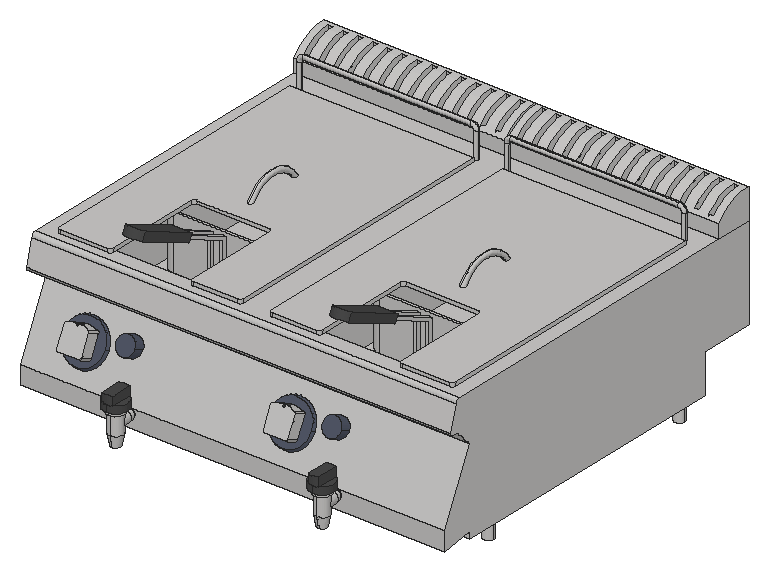
Revit family "QF_ZANUSSI_372067_Z7FRGH2B00", category Specialty Equipment, Revit 2018 (continued)
Automatic sketch dimensions
  plane 3 "LEFT" to Extrusion 31 sketch curve = 189.802 mm
  Extrusion 31 sketch curve to Extrusion 31 sketch curve = 9.296 mm
  Extrusion 31 sketch curve to Extrusion 31 sketch curve = 57.15 mm
  plane 1 "BACK" to Extrusion 32 sketch curve = 6.761 mm
  Extrusion 32 sketch curve to plane 7 "Center Y" = 182.405 mm
  Extrusion 32 sketch curve to Extrusion 32 sketch curve = 9.296 mm
  Extrusion 32 sketch curve to Extrusion 32 sketch curve = 57.15 mm
  plane 1 "BACK" to Extrusion 33 sketch curve = 6.761 mm
  Extrusion 33 sketch curve to plane 7 "Center Y" = 154.563 mm
  Extrusion 33 sketch curve to Extrusion 33 sketch curve = 9.296 mm
  Extrusion 33 sketch curve to Extrusion 33 sketch curve = 57.15 mm
  plane 1 "BACK" to Extrusion 34 sketch curve = 6.761 mm
  Extrusion 34 sketch curve to plane 7 "Center Y" = 126.721 mm
  Extrusion 34 sketch curve to Extrusion 34 sketch curve = 9.296 mm
  Extrusion 34 sketch curve to Extrusion 34 sketch curve = 57.15 mm
  plane 1 "BACK" to Extrusion 35 sketch curve = 6.761 mm
  Extrusion 35 sketch curve to plane 7 "Center Y" = 98.878 mm
  Extrusion 35 sketch curve to Extrusion 35 sketch curve = 9.296 mm
  Extrusion 35 sketch curve to Extrusion 35 sketch curve = 57.15 mm
  plane 1 "BACK" to Extrusion 36 sketch curve = 6.761 mm
  Extrusion 36 sketch curve to plane 7 "Center Y" = 71.036 mm
  Extrusion 36 sketch curve to Extrusion 36 sketch curve = 9.296 mm
  Extrusion 36 sketch curve to Extrusion 36 sketch curve = 57.15 mm
  plane 1 "BACK" to Extrusion 37 sketch curve = 6.761 mm
  Extrusion 37 sketch curve to plane 7 "Center Y" = 43.194 mm
  Extrusion 37 sketch curve to Extrusion 37 sketch curve = 9.296 mm
  Extrusion 37 sketch curve to Extrusion 37 sketch curve = 57.15 mm
  Extrusion 39 sketch curve to plane 1 "BACK" = 6.761 mm
  Extrusion 39 sketch curve to plane 7 "Center Y" = 15.351 mm
  Extrusion 39 sketch curve to Extrusion 39 sketch curve = 9.296 mm
  Extrusion 39 sketch curve to Extrusion 39 sketch curve = 57.15 mm
  Extrusion 46 sketch curve to plane 1 "BACK" = 6.761 mm
  Extrusion 46 sketch curve to plane 7 "Center Y" = 182.405 mm
  Extrusion 46 sketch curve to Extrusion 46 sketch curve = 9.296 mm
  Extrusion 46 sketch curve to Extrusion 46 sketch curve = 57.15 mm
  Extrusion 47 sketch curve to plane 1 "BACK" = 6.761 mm
  Extrusion 47 sketch curve to plane 7 "Center Y" = 154.563 mm
  Extrusion 47 sketch curve to Extrusion 47 sketch curve = 9.296 mm
  Extrusion 47 sketch curve to Extrusion 47 sketch curve = 57.15 mm
  Extrusion 48 sketch curve to plane 1 "BACK" = 6.761 mm
  Extrusion 48 sketch curve to plane 7 "Center Y" = 126.721 mm
  Extrusion 48 sketch curve to Extrusion 48 sketch curve = 9.296 mm
  Extrusion 48 sketch curve to Extrusion 48 sketch curve = 57.15 mm
  Extrusion 49 sketch curve to plane 1 "BACK" = 6.761 mm
  Extrusion 49 sketch curve to plane 7 "Center Y" = 98.878 mm
  Extrusion 49 sketch curve to Extrusion 49 sketch curve = 9.296 mm
  Extrusion 49 sketch curve to Extrusion 49 sketch curve = 57.15 mm
  Extrusion 50 sketch curve to plane 1 "BACK" = 6.761 mm
  Extrusion 50 sketch curve to plane 7 "Center Y" = 71.036 mm
  Extrusion 50 sketch curve to Extrusion 50 sketch curve = 9.296 mm
  Extrusion 50 sketch curve to Extrusion 50 sketch curve = 57.15 mm
  Extrusion 51 sketch curve to plane 1 "BACK" = 6.761 mm
  Extrusion 51 sketch curve to plane 7 "Center Y" = 43.194 mm
  Extrusion 51 sketch curve to Extrusion 51 sketch curve = 9.296 mm
  Extrusion 51 sketch curve to Extrusion 51 sketch curve = 57.15 mm
  plane 1 "BACK" to Extrusion 52 sketch curve = 0 mm
  plane 7 "Center Y" to Extrusion 52 sketch curve = 1.588 mm
  Extrusion 52 sketch curve to plane 7 "Center Y" = 1.587 mm
  Extrusion 52 sketch curve to Extrusion 52 sketch curve = 69.85 mm
  plane 3 "LEFT" to Blend 53 sketch curve = 100 mm  (x2)
  plane 3 "LEFT" to Extrusion 54 sketch curve = 77 mm
  Extrusion 54 sketch curve to Extrusion 54 sketch curve = 2.997 mm  (x3)
  Extrusion 54 sketch curve to Extrusion 54 sketch curve = 20.003 mm  (x2)
  Extrusion 54 sketch curve to Extrusion 54 sketch curve = 40.005 mm
  Extrusion 54 sketch curve to Extrusion 54 sketch curve = 5.399 mm
  Extrusion 54 sketch curve to Extrusion 54 sketch curve = 40.037 mm
  Extrusion 54 sketch curve to Extrusion 54 sketch curve = 0 mm  (x2)
  plane 3 "LEFT" to Extrusion 55 sketch curve = 82.5 mm
  Extrusion 55 sketch curve to Extrusion 55 sketch curve = 35 mm  (x2)
  Extrusion 56 sketch curve to plane 14 "panel" = 35 mm
  Extrusion 56 sketch curve to plane 5 "FRONT" = 9.329 mm
  Extrusion 56 sketch curve to Extrusion 56 sketch curve = 3 mm
  Extrusion 56 sketch curve to Extrusion 56 sketch curve = 0 mm
  Extrusion 56 sketch curve to Extrusion 56 sketch curve = 1 mm  (x2)
  Extrusion 56 sketch curve to Extrusion 56 sketch curve = 15 mm
  plane 3 "LEFT" to Extrusion 57 sketch curve = 184 mm
  plane 3 "LEFT" to Extrusion 58 sketch curve = 184 mm
  plane 7 "Center Y" to Blend 59 sketch curve = 88.938 mm  (x2)
  plane 7 "Center Y" to Extrusion 60 sketch curve = 65.938 mm
  Extrusion 60 sketch curve to Extrusion 60 sketch curve = 2.997 mm  (x3)
  Extrusion 60 sketch curve to Extrusion 60 sketch curve = 20.003 mm  (x2)
  Extrusion 60 sketch curve to Extrusion 60 sketch curve = 40.005 mm
  Extrusion 60 sketch curve to Extrusion 60 sketch curve = 5.399 mm
  Extrusion 60 sketch curve to Extrusion 60 sketch curve = 40.037 mm
  Extrusion 60 sketch curve to Extrusion 60 sketch curve = 0 mm  (x2)
  plane 7 "Center Y" to Extrusion 61 sketch curve = 71.438 mm
  Extrusion 61 sketch curve to Extrusion 61 sketch curve = 35 mm  (x2)
  Extrusion 62 sketch curve to plane 14 "panel" = 35 mm
  Extrusion 62 sketch curve to plane 5 "FRONT" = 9.329 mm
  Extrusion 62 sketch curve to Extrusion 62 sketch curve = 3 mm
  Extrusion 62 sketch curve to Extrusion 62 sketch curve = 0 mm
  Extrusion 62 sketch curve to Extrusion 62 sketch curve = 1 mm  (x2)
  Extrusion 62 sketch curve to Extrusion 62 sketch curve = 15 mm
  plane 7 "Center Y" to Extrusion 63 sketch curve = 172.938 mm
  plane 7 "Center Y" to Extrusion 64 sketch curve = 172.938 mm
  Extrusion 2 sketch curve to plane 10 "TOP A" = 0 mm
  Extrusion 2 sketch curve to plane 1 "BACK" = 0 mm
  Extrusion 2 sketch curve to plane 6 "TOP" = 0 mm
  plane 1 "BACK" to Extrusion 2 sketch curve = 1.769 mm
  plane 10 "TOP A" to Extrusion 2 sketch curve = 25.4 mm
  plane 1 "BACK" to Extrusion 2 sketch curve = 69.85 mm
  plane 12 to Extrusion 3 sketch curve = 0.124 mm  (x2)
  Extrusion 3 sketch curve to plane 4 "RIGHT" = 33.338 mm
  plane 7 "Center Y" to Extrusion 3 sketch curve = 26.988 mm
  Extrusion 3 sketch curve to plane 7 "Center Y" = 26.988 mm
  plane 3 "LEFT" to Extrusion 3 sketch curve = 33.338 mm
  plane 11 to Extrusion 3 sketch curve = 53.101 mm
  plane 11 to Extrusion 3 sketch curve = 53.254 mm
  plane 11 to Extrusion 5 sketch curve = 0 mm  (x2)
  plane 12 to Extrusion 5 sketch curve = 0 mm  (x2)
  plane 3 "LEFT" to Extrusion 5 sketch curve = 11.112 mm  (x2)
  Extrusion 5 sketch curve to plane 4 "RIGHT" = 11.113 mm  (x2)
  Revolve 6 sketch curve to plane 9 "BASE" = 8.123 mm
  plane 5 "FRONT" to Revolve 6 sketch curve = 32.926 mm
  Revolve 6 sketch curve to Revolve 6 sketch curve = 9.009 mm
  plane 5 "FRONT" to Revolve 6 sketch curve = 20.301 mm
  Revolve 6 sketch curve to Revolve 6 sketch curve = 3.277 mm
  Revolve 6 sketch curve to Revolve 6 sketch curve = 6.35 mm
  plane 9 "BASE" to Revolve 6 sketch curve = 12.388 mm
  Revolve 6 sketch curve to Revolve 6 sketch curve = 36.341 mm
  Revolve 6 sketch curve to Revolve 6 sketch curve = 7.879 mm
  Revolve 6 sketch curve to Revolve 6 sketch curve = 12.7 mm  (x2)
  Revolve 6 sketch curve to Revolve 6 sketch curve = 0 mm
  Revolve 6 sketch curve to Revolve 6 sketch curve = 15.064 mm
  plane 5 "FRONT" to Revolve 7 sketch curve = 34.322 mm
  plane 5 "FRONT" to Revolve 7 sketch curve = 12.357 mm
  plane 5 "FRONT" to Revolve 7 sketch curve = 3.364 mm
  Revolve 7 sketch curve to plane 5 "FRONT" = 16.478 mm
  plane 9 "BASE" to Revolve 7 sketch curve = 19.447 mm
  Revolve 7 sketch curve to Revolve 7 sketch curve = 1.702 mm
  Revolve 7 sketch curve to Revolve 7 sketch curve = 2.047 mm
  Revolve 7 sketch curve to Revolve 7 sketch curve = 12.303 mm
  Revolve 7 sketch curve to Revolve 7 sketch curve = 0 mm  (x2)
  Revolve 7 sketch curve to Revolve 7 sketch curve = 9.137 mm
  Revolve 8 sketch curve to plane 9 "BASE" = 8.123 mm
  plane 5 "FRONT" to Revolve 8 sketch curve = 32.926 mm
  Revolve 8 sketch curve to Revolve 8 sketch curve = 9.009 mm
  plane 5 "FRONT" to Revolve 8 sketch curve = 20.301 mm
  Revolve 8 sketch curve to Revolve 8 sketch curve = 3.277 mm
  Revolve 8 sketch curve to Revolve 8 sketch curve = 6.35 mm
  plane 9 "BASE" to Revolve 8 sketch curve = 12.388 mm
  Revolve 8 sketch curve to Revolve 8 sketch curve = 36.341 mm
  Revolve 8 sketch curve to Revolve 8 sketch curve = 7.879 mm
  Revolve 8 sketch curve to Revolve 8 sketch curve = 12.7 mm  (x2)
  Revolve 8 sketch curve to Revolve 8 sketch curve = 0 mm
  Revolve 8 sketch curve to Revolve 8 sketch curve = 15.064 mm
  plane 5 "FRONT" to Revolve 9 sketch curve = 34.322 mm
  plane 5 "FRONT" to Revolve 9 sketch curve = 12.357 mm
  plane 5 "FRONT" to Revolve 9 sketch curve = 3.364 mm
  Revolve 9 sketch curve to plane 5 "FRONT" = 16.478 mm
  plane 9 "BASE" to Revolve 9 sketch curve = 19.447 mm
  Revolve 9 sketch curve to Revolve 9 sketch curve = 1.702 mm
  Revolve 9 sketch curve to Revolve 9 sketch curve = 2.047 mm
  Revolve 9 sketch curve to Revolve 9 sketch curve = 12.303 mm
  Revolve 9 sketch curve to Revolve 9 sketch curve = 0 mm  (x2)
  Revolve 9 sketch curve to Revolve 9 sketch curve = 9.137 mm
  Extrusion 10 sketch curve to Extrusion 10 sketch curve = 0 mm  (x5)
  Extrusion 10 sketch curve to Extrusion 10 sketch curve = 20.063 mm  (x2)
  Revolve 6 to Extrusion 10 sketch curve = 9.626 mm
  Extrusion 10 sketch curve to Revolve 6 = 9.626 mm
  Extrusion 10 sketch curve to Extrusion 10 sketch curve = 369.686 mm
  Extrusion 10 sketch curve to Extrusion 10 sketch curve = 9.626 mm
  plane 9 "BASE" to Extrusion 11 sketch curve = 33.906 mm
  plane 5 "FRONT" to Extrusion 12 sketch curve = 0 mm  (x2)
  plane 1 "BACK" to Extrusion 12 sketch curve = 0 mm
  Extrusion 12 sketch curve to plane 3 "LEFT" = 0 mm
  Extrusion 12 sketch curve to plane 4 "RIGHT" = 0 mm
  Extrusion 12 sketch curve to plane 3 "LEFT" = 150.019 mm
  plane 4 "RIGHT" to Extrusion 12 sketch curve = 150.019 mm
  Extrusion 12 sketch curve to plane 1 "BACK" = 150.019 mm
  Extrusion 13 sketch curve to plane 4 "RIGHT" = 26.988 mm
  Extrusion 13 sketch curve to Extrusion 13 sketch curve = 6.35 mm  (x8)
  Extrusion 13 sketch curve to Extrusion 13 sketch curve = 88.9 mm
  Extrusion 13 sketch curve to plane 4 "RIGHT" = 128.588 mm
  plane 7 "Center Y" to Extrusion 13 sketch curve = 128.587 mm
  plane 11 to Extrusion 13 sketch curve = 57.877 mm  (x4)
  plane 7 "Center Y" to Extrusion 13 sketch curve = 122.238 mm
  plane 7 "Center Y" to Extrusion 13 sketch curve = 33.338 mm
  Extrusion 13 sketch curve to plane 7 "Center Y" = 26.988 mm
  Extrusion 13 sketch curve to Extrusion 13 sketch curve = 82.55 mm
  plane 3 "LEFT" to Extrusion 13 sketch curve = 134.938 mm
  plane 3 "LEFT" to Extrusion 13 sketch curve = 128.588 mm
  plane 3 "LEFT" to Extrusion 13 sketch curve = 33.338 mm
  plane 3 "LEFT" to Extrusion 13 sketch curve = 26.988 mm
  Extrusion 13 sketch curve to plane 8 "Center X" = 116.012 mm  (x2)
  Extrusion 13 sketch curve to plane 12 = 34.801 mm  (x2)
  Sweep 14 sketch curve to plane 10 "TOP A" = 0 mm  (x2)
  Sweep 14 sketch curve to plane 6 "TOP" = 9.525 mm  (x2)
  plane 3 "LEFT" to Sweep 14 sketch curve = 39.688 mm
  Sweep 14 sketch curve to Sweep 14 sketch curve = 6.35 mm
  Sweep 14 sketch curve to plane 7 "Center Y" = 37.331 mm
  Sweep 14 sketch curve to profile plane = 2.09 mm
  profile plane to Sweep 14 sketch curve = 140.754 mm
  Extrusion 21 sketch curve to Extrusion 21 sketch curve = 0 mm  (x16)
  Extrusion 21 sketch curve to plane 4 "RIGHT" = 91.225 mm
  Extrusion 21 sketch curve to Extrusion 21 sketch curve = 3.175 mm  (x2)
  Extrusion 21 sketch curve to Extrusion 21 sketch curve = 22.225 mm  (x6)
  plane 7 "Center Y" to Extrusion 21 sketch curve = 105.625 mm  (x2)
  Extrusion 21 sketch curve to plane 7 "Center Y" = 80.225 mm
  plane 3 "LEFT" to Extrusion 21 sketch curve = 116.625 mm  (x2)
  plane 12 to Extrusion 21 sketch curve = 41.498 mm  (x2)
  Extrusion 21 sketch curve to plane 8 "Center X" = 116.11 mm  (x2)
  Sweep 24 sketch curve to plane 10 "TOP A" = 0 mm  (x2)
  Sweep 24 sketch curve to plane 6 "TOP" = 9.525 mm  (x2)
  Sweep 24 sketch curve to plane 4 "RIGHT" = 39.688 mm
  Sweep 24 sketch curve to Sweep 24 sketch curve = 6.35 mm
  plane 7 "Center Y" to Sweep 24 sketch curve = 37.331 mm
  profile plane to Sweep 24 sketch curve = 2.09 mm
  profile plane to Sweep 24 sketch curve = 140.754 mm
  Extrusion 38 sketch curve to plane 1 "BACK" = 6.761 mm
  plane 4 "RIGHT" to Extrusion 38 sketch curve = 22.749 mm
  Extrusion 38 sketch curve to Extrusion 38 sketch curve = 9.296 mm
  Extrusion 38 sketch curve to Extrusion 38 sketch curve = 57.15 mm
  Extrusion 40 sketch curve to plane 1 "BACK" = 6.761 mm
  plane 4 "RIGHT" to Extrusion 40 sketch curve = 50.591 mm
  Extrusion 40 sketch curve to Extrusion 40 sketch curve = 9.296 mm
  Extrusion 40 sketch curve to Extrusion 40 sketch curve = 57.15 mm
  Extrusion 41 sketch curve to plane 1 "BACK" = 6.761 mm
  plane 4 "RIGHT" to Extrusion 41 sketch curve = 78.433 mm
  Extrusion 41 sketch curve to Extrusion 41 sketch curve = 9.296 mm
  Extrusion 41 sketch curve to Extrusion 41 sketch curve = 57.15 mm
  Extrusion 42 sketch curve to plane 1 "BACK" = 6.761 mm
  plane 4 "RIGHT" to Extrusion 42 sketch curve = 106.275 mm
  Extrusion 42 sketch curve to Extrusion 42 sketch curve = 9.296 mm
  Extrusion 42 sketch curve to Extrusion 42 sketch curve = 57.15 mm
  Extrusion 43 sketch curve to plane 1 "BACK" = 6.761 mm
  plane 4 "RIGHT" to Extrusion 43 sketch curve = 134.118 mm
  Extrusion 43 sketch curve to Extrusion 43 sketch curve = 9.296 mm
  Extrusion 43 sketch curve to Extrusion 43 sketch curve = 57.15 mm
  Extrusion 44 sketch curve to plane 1 "BACK" = 6.761 mm
  plane 4 "RIGHT" to Extrusion 44 sketch curve = 161.96 mm
  Extrusion 44 sketch curve to Extrusion 44 sketch curve = 9.296 mm
  Extrusion 44 sketch curve to Extrusion 44 sketch curve = 57.15 mm
  Extrusion 45 sketch curve to plane 1 "BACK" = 6.761 mm
  plane 4 "RIGHT" to Extrusion 45 sketch curve = 189.802 mm
  Extrusion 45 sketch curve to Extrusion 45 sketch curve = 9.296 mm
  Extrusion 45 sketch curve to Extrusion 45 sketch curve = 57.15 mm
  curve 240 to plane 3 "LEFT" = 0 mm
  curve 205 to plane 3 "LEFT" = 0 mm
  plane 5 "FRONT" to curve 240 = 0 mm
  plane 5 "FRONT" to curve 238 = 0 mm
  plane 5 "FRONT" to curve 239 = 0 mm
  curve 247 to plane 4 "RIGHT" = 0 mm
  curve 239 to plane 4 "RIGHT" = 0 mm
  plane 5 "FRONT" to curve 206 = 9.347 mm
  plane 3 "LEFT" to curve 206 = 77 mm
  curve 206 to curve 207 = 0.809 mm
  curve 210 to curve 210 = 1.583 mm
  curve 207 to curve 208 = 1.846 mm
  curve 207 to curve 221 = 2.189 mm
  curve 206 to curve 209 = 11.892 mm
  curve 213 to plane 5 "FRONT" = 9.329 mm
  curve 210 to curve 213 = 20.417 mm
  curve 221 to curve 211 = 19.134 mm
  curve 211 to curve 220 = 1.738 mm
  curve 212 to curve 214 = 2 mm
  curve 209 to curve 218 = 22.215 mm
  curve 213 to curve 221 = 19.003 mm
  curve 217 to curve 217 = 0.343 mm
  curve 217 to curve 219 = 1.071 mm
  curve 217 to curve 216 = 2.189 mm
  curve 216 to curve 215 = 0.809 mm
  plane 5 "FRONT" to curve 231 = 9.347 mm
  plane 7 "Center Y" to curve 231 = 65.937 mm
  curve 232 to curve 232 = 0.809 mm
  curve 235 to curve 235 = 1.583 mm
  curve 232 to curve 233 = 1.846 mm
  curve 232 to curve 237 = 2.189 mm
  curve 231 to curve 234 = 11.892 mm
  curve 229 to plane 5 "FRONT" = 9.329 mm
  curve 235 to curve 229 = 20.417 mm
  plane 7 "Center Y" to curve 236 = 88.069 mm
  curve 236 to curve 227 = 1.738 mm
  curve 229 to curve 229 = 2 mm
  curve 234 to curve 225 = 22.215 mm
  curve 228 to curve 237 = 19.003 mm
  curve 224 to curve 224 = 0.343 mm
  curve 224 to curve 226 = 1.071 mm
  curve 224 to curve 223 = 2.189 mm
  curve 223 to curve 222 = 0.809 mm
  plane 5 "FRONT" to curve 216 = 9.347 mm
  curve 237 to curve 232 = 1.333 mm
  curve 221 to curve 216 = 1.333 mm
  curve 211 to curve 221 = 86.839 mm
  curve 236 to curve 237 = 86.839 mm
  curve 211 to curve 220 = 0 mm
  curve 236 to curve 227 = 0 mm
  curve 224 to curve 222 = 1.333 mm
  curve 223 to curve 224 = 2.779 mm
  curve 216 to curve 217 = 2.779 mm
  curve 232 to curve 233 = 2.779 mm
  curve 207 to curve 208 = 2.779 mm
  curve 226 to plane 5 "FRONT" = 7.894 mm
  curve 210 to plane 5 "FRONT" = 7.894 mm
  curve 219 to plane 5 "FRONT" = 7.894 mm
  curve 235 to plane 5 "FRONT" = 7.894 mm
  curve 213 to curve 218 = 41.91 mm
  curve 209 to curve 218 = 0 mm
  curve 229 to curve 234 = 41.91 mm
  curve 234 to curve 225 = 0 mm
  plane 3 "LEFT" to curve 177 = 13.453 mm
  curve 177 to curve 177 = 9.296 mm
  curve 177 to curve 179 = 18.547 mm
  curve 179 to curve 179 = 9.296 mm
  curve 209 to curve 206 = 9.809 mm
  curve 179 to curve 180 = 18.547 mm
  curve 211 to curve 210 = 0.284 mm
  curve 180 to curve 180 = 9.296 mm
  curve 180 to curve 181 = 18.547 mm
  curve 181 to curve 181 = 9.296 mm
  curve 219 to curve 220 = 0.284 mm
  curve 181 to curve 182 = 18.547 mm
  curve 215 to curve 218 = 9.809 mm
  curve 182 to curve 182 = 9.296 mm
  curve 182 to curve 183 = 18.547 mm
  curve 183 to curve 183 = 9.296 mm
  curve 183 to curve 184 = 18.547 mm
  curve 205 to plane 5 "FRONT" = 15 mm
  curve 218 to curve 205 = 54.049 mm
  curve 184 to curve 184 = 9.296 mm
  curve 205 to curve 238 = 12.881 mm
  curve 184 to curve 185 = 18.547 mm
  curve 185 to curve 185 = 9.296 mm
  curve 238 to curve 246 = 24.354 mm
  curve 185 to curve 186 = 18.547 mm
  curve 186 to curve 186 = 9.296 mm
  curve 186 to curve 187 = 18.547 mm
  curve 187 to curve 187 = 9.296 mm
  curve 187 to curve 188 = 18.547 mm
  curve 188 to curve 188 = 9.296 mm
  curve 188 to curve 189 = 18.547 mm
  curve 189 to curve 189 = 9.296 mm
  curve 189 to curve 190 = 18.547 mm
  curve 190 to curve 190 = 9.296 mm
  curve 190 to curve 178 = 18.547 mm
  curve 178 to curve 178 = 9.296 mm
  plane 7 "Center Y" to curve 192 = 15.401 mm
  curve 192 to curve 192 = 9.296 mm
  curve 192 to curve 204 = 18.547 mm
  curve 204 to curve 204 = 9.296 mm
  curve 234 to curve 231 = 9.809 mm
  curve 236 to curve 235 = 0.284 mm
  curve 204 to curve 203 = 18.547 mm
  curve 203 to curve 203 = 9.296 mm
  curve 203 to curve 202 = 18.547 mm
  curve 202 to curve 202 = 9.296 mm
  curve 226 to curve 226 = 0.284 mm
  curve 222 to curve 225 = 9.809 mm
  curve 202 to curve 201 = 18.547 mm
  curve 201 to curve 201 = 9.296 mm
  curve 201 to curve 200 = 18.547 mm
  curve 200 to curve 200 = 9.296 mm
  curve 246 to plane 5 "FRONT" = 15 mm
  curve 225 to curve 246 = 54.11 mm
  curve 200 to curve 199 = 18.547 mm
  curve 199 to curve 199 = 9.296 mm
  curve 199 to curve 198 = 18.547 mm
  curve 247 to plane 5 "FRONT" = 15 mm
  curve 246 to curve 247 = 37.235 mm
  curve 198 to curve 198 = 9.296 mm
  curve 198 to curve 197 = 18.547 mm
  curve 197 to curve 197 = 9.296 mm
  curve 197 to curve 196 = 18.547 mm
  curve 196 to curve 196 = 9.296 mm
  curve 196 to curve 195 = 18.547 mm
  curve 195 to curve 195 = 9.296 mm
  curve 195 to curve 194 = 18.547 mm
  curve 194 to curve 194 = 9.296 mm
  curve 194 to curve 193 = 18.547 mm
  curve 193 to curve 193 = 9.296 mm
  curve 193 to curve 191 = 18.547 mm
  curve 191 to curve 191 = 9.296 mm
  curve 235 to curve 235 = 0.567 mm
  curve 210 to curve 210 = 0.567 mm
  curve 219 to curve 219 = 0.567 mm
  curve 226 to curve 226 = 0.567 mm
  plane 1 "BACK" to curve 203 = 63.911 mm
  curve 203 to curve 202 = 0 mm
  curve 202 to curve 201 = 0 mm
  curve 201 to curve 200 = 0 mm
  curve 200 to curve 199 = 0 mm
  curve 199 to curve 198 = 0 mm
  curve 204 to curve 203 = 0 mm
  curve 198 to curve 197 = 0 mm
  curve 197 to curve 196 = 0 mm
  curve 196 to curve 195 = 0 mm
  curve 195 to curve 194 = 0 mm
  curve 194 to curve 193 = 0 mm
  curve 192 to curve 204 = 0 mm
  curve 193 to curve 191 = 0 mm
  curve 190 to curve 192 = 0 mm
  curve 189 to curve 190 = 0 mm
  curve 188 to curve 189 = 0 mm
  curve 187 to curve 188 = 0 mm
  curve 186 to curve 187 = 0 mm
  curve 185 to curve 186 = 0 mm
  curve 184 to curve 185 = 0 mm
  curve 183 to curve 184 = 0 mm
  curve 182 to curve 183 = 0 mm
  curve 181 to curve 182 = 0 mm
  curve 180 to curve 181 = 0 mm
  curve 179 to curve 180 = 0 mm
  curve 190 to curve 178 = 0 mm
  curve 177 to curve 179 = 0 mm
  plane 1 "BACK" to curve 6 = 0 mm
  curve 250 to plane 4 "RIGHT" = 0 mm
  plane 5 "FRONT" to curve 92 = 0 mm
  plane 5 "FRONT" to curve 244 = 0 mm
  plane 5 "FRONT" to curve 243 = 0 mm
  plane 5 "FRONT" to curve 86 = 0 mm
  curve 4 to plane 3 "LEFT" = 0 mm
  plane 5 "FRONT" to curve 5 = 0 mm
  plane 4 "RIGHT" to curve 3 = 150.019 mm
  curve 133 to plane 4 "RIGHT" = 13.453 mm
  curve 133 to curve 134 = 9.296 mm
  curve 42 to plane 4 "RIGHT" = 26.988 mm
  curve 42 to curve 43 = 6.35 mm
  curve 42 to curve 77 = 10.61 mm
  plane 1 "BACK" to curve 139 = 6.761 mm
  curve 132 to curve 139 = 18.547 mm
  curve 139 to curve 138 = 9.296 mm
  plane 1 "BACK" to curve 142 = 6.761 mm
  curve 138 to curve 142 = 18.547 mm
  curve 142 to curve 141 = 9.296 mm
  plane 1 "BACK" to curve 146 = 6.761 mm
  curve 141 to curve 146 = 18.547 mm
  curve 145 to curve 146 = 9.296 mm
  curve 43 to curve 45 = 88.9 mm
  plane 1 "BACK" to curve 149 = 6.761 mm
  curve 144 to curve 149 = 18.547 mm
  curve 46 to plane 4 "RIGHT" = 128.588 mm
  curve 148 to curve 149 = 9.296 mm
  curve 46 to curve 47 = 6.35 mm
  plane 1 "BACK" to curve 152 = 6.761 mm
  curve 147 to curve 152 = 18.547 mm
  curve 151 to curve 150 = 9.296 mm
  plane 1 "BACK" to curve 154 = 6.761 mm
  curve 150 to curve 154 = 18.547 mm
  curve 58 to plane 11 = 5.711 mm
  curve 46 to curve 58 = 58.32 mm
  curve 154 to curve 153 = 9.296 mm
  plane 8 "Center X" to curve 67 = 38.031 mm
  curve 47 to curve 67 = 60.633 mm
  curve 67 to curve 70 = 4.449 mm
  plane 1 "BACK" to curve 158 = 6.761 mm
  curve 153 to curve 158 = 18.547 mm
  curve 157 to curve 156 = 9.296 mm
  curve 56 to plane 5 "FRONT" = 8.614 mm
  curve 87 to curve 56 = 17.768 mm
  plane 1 "BACK" to curve 160 = 6.761 mm
  curve 156 to curve 160 = 18.547 mm
  curve 160 to curve 159 = 9.296 mm
  plane 1 "BACK" to curve 164 = 6.761 mm
  curve 159 to curve 164 = 18.547 mm
  curve 69 to curve 49 = 66.994 mm
  curve 163 to curve 162 = 9.296 mm
  curve 61 to curve 61 = 53.67 mm
  curve 51 to curve 52 = 6.35 mm
  plane 1 "BACK" to curve 166 = 6.761 mm
  curve 162 to curve 166 = 18.547 mm
  curve 166 to curve 165 = 9.296 mm
  plane 1 "BACK" to curve 169 = 6.761 mm
  curve 165 to curve 169 = 18.547 mm
  curve 169 to curve 168 = 9.296 mm
  plane 1 "BACK" to curve 172 = 6.761 mm
  curve 168 to curve 172 = 18.547 mm
  curve 172 to curve 173 = 9.296 mm
  plane 7 "Center Y" to curve 52 = 33.338 mm
  plane 7 "Center Y" to curve 77 = 28.891 mm
  curve 78 to curve 54 = 1.903 mm
  plane 1 "BACK" to curve 136 = 6.761 mm
  curve 171 to curve 136 = 18.547 mm
  curve 136 to curve 135 = 9.296 mm
  plane 7 "Center Y" to curve 174 = 1.587 mm
  curve 175 to plane 7 "Center Y" = 1.588 mm
  plane 1 "BACK" to curve 95 = 6.761 mm
  curve 175 to curve 95 = 13.764 mm
  curve 93 to curve 94 = 9.296 mm
  curve 23 to plane 7 "Center Y" = 26.988 mm
  curve 22 to curve 73 = 1.903 mm
  curve 21 to curve 21 = 6.35 mm
  plane 1 "BACK" to curve 131 = 6.761 mm
  curve 94 to curve 131 = 18.547 mm
  curve 129 to curve 131 = 9.296 mm
  plane 1 "BACK" to curve 128 = 6.761 mm
  curve 130 to curve 128 = 18.547 mm
  curve 126 to curve 128 = 9.296 mm
  plane 1 "BACK" to curve 123 = 6.761 mm
  curve 127 to curve 123 = 18.547 mm
  curve 123 to curve 124 = 9.296 mm
  curve 21 to curve 20 = 82.55 mm
  curve 19 to curve 30 = 6.35 mm
  plane 1 "BACK" to curve 120 = 6.761 mm
  curve 124 to curve 120 = 18.547 mm
  curve 17 to curve 16 = 6.35 mm
  curve 120 to curve 121 = 9.296 mm
  plane 1 "BACK" to curve 119 = 6.761 mm
  curve 121 to curve 119 = 18.547 mm
  curve 117 to curve 118 = 9.296 mm
  curve 26 to plane 11 = 5.711 mm
  curve 18 to curve 26 = 53.67 mm
  plane 1 "BACK" to curve 114 = 6.761 mm
  curve 118 to curve 114 = 18.547 mm
  curve 114 to curve 115 = 9.296 mm
  curve 25 to curve 81 = 17.768 mm
  plane 8 "Center X" to curve 37 = 38.031 mm
  curve 17 to curve 37 = 66.994 mm
  curve 37 to curve 39 = 4.449 mm
  plane 1 "BACK" to curve 111 = 6.761 mm
  curve 115 to curve 111 = 18.547 mm
  curve 111 to curve 113 = 9.296 mm
  plane 1 "BACK" to curve 110 = 6.761 mm
  curve 112 to curve 110 = 18.547 mm
  curve 108 to curve 110 = 9.296 mm
  curve 36 to curve 15 = 60.633 mm
  plane 1 "BACK" to curve 105 = 6.761 mm
  curve 109 to curve 105 = 18.547 mm
  curve 15 to curve 14 = 6.35 mm
  curve 105 to curve 106 = 9.296 mm
  curve 13 to curve 13 = 6.35 mm
  plane 1 "BACK" to curve 104 = 6.761 mm
  curve 106 to curve 104 = 18.547 mm
  curve 102 to curve 104 = 9.296 mm
  plane 1 "BACK" to curve 99 = 6.761 mm
  curve 103 to curve 99 = 18.547 mm
  curve 99 to curve 100 = 9.296 mm
  plane 1 "BACK" to curve 98 = 6.761 mm
  curve 100 to curve 98 = 18.547 mm
  curve 96 to curve 97 = 9.296 mm
  plane 3 "LEFT" to curve 74 = 37.548 mm
  plane 3 "LEFT" to curve 11 = 33.338 mm
  curve 74 to curve 23 = 10.61 mm
  plane 1 "BACK" to curve 7 = 6.761 mm
  curve 97 to curve 7 = 18.547 mm
  curve 7 to curve 8 = 9.296 mm
  curve 2 to plane 3 "LEFT" = 150.019 mm
  curve 1 to plane 1 "BACK" = 150.019 mm
  plane 1 "BACK" to curve 134 = 6.761 mm
  curve 135 to curve 176 = 63.089 mm
  curve 24 to curve 174 = 0 mm
  curve 174 to curve 77 = 30.564 mm
  curve 24 to curve 76 = 30.564 mm
  curve 73 to curve 74 = 7.655 mm
  curve 77 to curve 79 = 7.655 mm
  curve 74 to curve 23 = 4.767 mm
  curve 78 to curve 55 = 4.767 mm
  curve 67 to plane 8 "Center X" = 63.432 mm
  curve 37 to plane 8 "Center X" = 63.432 mm
  curve 36 to curve 16 = 46.229 mm
  curve 69 to curve 48 = 46.229 mm
  plane 11 to curve 51 = 57.877 mm
  plane 11 to curve 60 = 57.877 mm
  plane 11 to curve 11 = 57.877 mm
  curve 54 to curve 22 = 0.05 mm
  curve 58 to plane 5 "FRONT" = 8.614 mm
  curve 25 to plane 5 "FRONT" = 8.564 mm
  curve 27 to plane 5 "FRONT" = 8.564 mm
  plane 5 "FRONT" to curve 87 = 32.926 mm
  plane 5 "FRONT" to curve 82 = 32.926 mm
  curve 59 to curve 66 = 3.442 mm
  curve 66 to curve 59 = 0 mm  (x2)
  curve 57 to curve 63 = 4.079 mm
  curve 58 to curve 92 = 8.46 mm
  curve 92 to curve 89 = 1.381 mm
  curve 63 to curve 62 = 5.857 mm
  curve 92 to curve 245 = 4.557 mm
  curve 59 to curve 242 = 3.425 mm
  curve 245 to curve 244 = 11.201 mm
  curve 65 to curve 56 = 9.936 mm
  curve 87 to curve 90 = 9.626 mm
  curve 244 to curve 91 = 6.363 mm
  curve 64 to curve 56 = 4.079 mm
  curve 66 to curve 242 = 2.808 mm
  curve 242 to curve 242 = 16.395 mm
  curve 242 to curve 244 = 44.717 mm
  curve 244 to curve 243 = 46 mm
  curve 17 to curve 33 = 51.399 mm
  curve 85 to curve 81 = 11.114 mm
  curve 85 to curve 84 = 1.488 mm
  curve 33 to curve 34 = 5.857 mm
  curve 85 to curve 243 = 6.157 mm
  curve 35 to curve 28 = 0 mm
  curve 28 to curve 241 = 3.475 mm
  curve 31 to curve 26 = 9.936 mm
  curve 82 to curve 83 = 9.626 mm
  curve 86 to curve 27 = 8.46 mm
  curve 32 to curve 26 = 4.079 mm
  curve 35 to curve 241 = 2.858 mm
  curve 241 to curve 28 = 0.584 mm
  curve 248 to curve 35 = 3.442 mm
  curve 28 to curve 241 = 15.811 mm
  curve 102 to curve 102 = 57.15 mm
  curve 103 to curve 102 = 0 mm
  curve 102 to curve 105 = 0 mm
  curve 100 to curve 103 = 0 mm
  curve 100 to curve 99 = 0 mm
  curve 106 to curve 105 = 0 mm
  curve 172 to curve 77 = 36.504 mm
  curve 105 to curve 108 = 0 mm
  curve 109 to curve 108 = 0 mm
  curve 108 to curve 111 = 0 mm
  curve 97 to curve 100 = 0 mm
  curve 171 to curve 172 = 0 mm
  curve 112 to curve 111 = 0 mm
  curve 111 to curve 114 = 0 mm
  curve 115 to curve 114 = 0 mm
  curve 114 to curve 117 = 0 mm
  curve 97 to curve 96 = 0 mm
  curve 117 to curve 120 = 0 mm
  curve 121 to curve 120 = 0 mm
  curve 120 to curve 123 = 0 mm
  curve 124 to curve 123 = 0 mm
  curve 94 to curve 24 = 5.939 mm
  curve 94 to curve 93 = 0 mm
  curve 123 to curve 126 = 0 mm
  curve 154 to curve 154 = 57.15 mm
  curve 127 to curve 126 = 0 mm
  curve 129 to curve 94 = 0 mm
  curve 130 to curve 129 = 0 mm
  curve 172 to curve 169 = 0 mm
  curve 168 to curve 169 = 0 mm
  curve 132 to curve 176 = 5.939 mm
  curve 132 to curve 133 = 0 mm
  curve 135 to curve 174 = 5.939 mm
  curve 156 to curve 154 = 0 mm
  curve 156 to curve 157 = 0 mm
  curve 135 to curve 136 = 0 mm
  curve 138 to curve 132 = 0 mm
  curve 138 to curve 139 = 0 mm
  curve 141 to curve 138 = 0 mm
  curve 159 to curve 156 = 0 mm
  curve 159 to curve 160 = 0 mm
  curve 141 to curve 142 = 0 mm
  curve 144 to curve 141 = 0 mm
  curve 144 to curve 145 = 0 mm
  curve 147 to curve 144 = 0 mm
  curve 153 to curve 154 = 0 mm
  curve 162 to curve 159 = 0 mm
  curve 162 to curve 163 = 0 mm
  curve 147 to curve 148 = 0 mm
  curve 154 to curve 150 = 0 mm
  curve 150 to curve 151 = 0 mm
  curve 8 to curve 24 = 5.939 mm
  curve 169 to curve 165 = 0 mm
  curve 165 to curve 166 = 0 mm
  curve 8 to curve 7 = 0 mm
  curve 118 to curve 117 = 0 mm
  curve 14 to curve 40 = 22.324 mm
  curve 49 to curve 71 = 22.324 mm
  curve 49 to curve 64 = 25.499 mm
  curve 15 to curve 31 = 25.499 mm
  curve 248 to curve 28 = 19.604 mm
  curve 249 to curve 28 = 19.604 mm
  curve 250 to curve 66 = 2.117 mm
  curve 248 to curve 35 = 2.167 mm
  curve 66 to curve 59 = 6.713 mm
  curve 35 to curve 28 = 6.713 mm  (x2)
  curve 28 to curve 241 = 0.983 mm
  curve 242 to curve 56 = 9.691 mm
  curve 59 to curve 66 = 4.011 mm
  curve 242 to plane 5 "FRONT" = 15 mm
  curve 241 to plane 5 "FRONT" = 15 mm
  plane 5 "FRONT" to curve 1 = 1.377 mm
  plane 5 "FRONT" to curve 3 = 1.377 mm
  plane 5 "FRONT" to curve 88 = 10.673 mm
  plane 5 "FRONT" to curve 82 = 10.673 mm
  plane 11 to Extrusion 1 sketch curve = 117.116 mm
  plane 11 to Extrusion 1 sketch curve = 101.999 mm
  Extrusion 1 sketch curve to Extrusion 1 sketch curve = 2.884 mm
  Extrusion 1 sketch curve to plane 13 = 98.787 mm
  Extrusion 1 sketch curve to Extrusion 1 sketch curve = 13.051 mm
  Extrusion 1 sketch curve to Extrusion 1 sketch curve = 10.198 mm
  Extrusion 1 sketch curve to plane 13 = 91.312 mm
  Extrusion 1 sketch curve to Extrusion 1 sketch curve = 56.355 mm
  Extrusion 1 sketch curve to Extrusion 1 sketch curve = 0.445 mm
  Extrusion 1 sketch curve to Extrusion 1 sketch curve = 3.2 mm
  Extrusion 1 sketch curve to plane 10 "TOP A" = 88.636 mm
  Extrusion 1 sketch curve to Extrusion 1 sketch curve = 31.82 mm
  plane 1 "BACK" to Extrusion 1 sketch curve = 103 mm
  Extrusion 1 sketch curve to plane 1 "BACK" = 0 mm
  Extrusion 1 sketch curve to plane 10 "TOP A" = 176 mm
  plane 9 "BASE" to Extrusion 1 sketch curve = 40.508 mm
  Extrusion 1 sketch curve to Extrusion 1 sketch curve = 27.08 mm
  Extrusion 1 sketch curve to Extrusion 1 sketch curve = 35 mm
  Extrusion 1 sketch curve to Extrusion 1 sketch curve = 74 mm
  Extrusion 1 sketch curve to plane 10 "TOP A" = 56.816 mm
  Extrusion 1 sketch curve to Extrusion 1 sketch curve = 3 mm
  radius of Sweep 18 sketch curve = 4.353 mm
  radius of Sweep 19 sketch curve = 4.353 mm
  radius of Blend 53 sketch curve = 42.5 mm
  radius of Blend 53 sketch curve = 40.5 mm
  radius of Split face 1 sketch curve = 1.5 mm
  radius of Split face 2 sketch curve = 1.5 mm
  radius of Split face 3 sketch curve = 1.5 mm
  radius of Split face 4 sketch curve = 1.5 mm
  radius of Split face 5 sketch curve = 1.5 mm
  radius of Split face 6 sketch curve = 1.5 mm
  radius of Split face 7 sketch curve = 1.5 mm
  radius of Split face 8 sketch curve = 2.5 mm
  radius of Split face 9 sketch curve = 2.031 mm
  radius of Split face 10 sketch curve = 1.5 mm
  radius of Split face 11 sketch curve = 1.5 mm
  radius of Extrusion 57 sketch curve = 18 mm
  radius of Extrusion 58 sketch curve = 15 mm
  radius of Blend 59 sketch curve = 42.5 mm
  radius of Blend 59 sketch curve = 40.5 mm
  radius of Split face 12 sketch curve = 1.5 mm
  radius of Split face 13 sketch curve = 1.5 mm
  radius of Split face 14 sketch curve = 1.5 mm
  radius of Split face 15 sketch curve = 1.5 mm
  radius of Split face 16 sketch curve = 1.5 mm
  radius of Split face 17 sketch curve = 1.5 mm
  radius of Split face 18 sketch curve = 1.5 mm
  radius of Split face 19 sketch curve = 2.5 mm
  radius of Split face 20 sketch curve = 2.031 mm
  radius of Split face 21 sketch curve = 1.5 mm
  radius of Split face 22 sketch curve = 1.5 mm
  radius of Extrusion 63 sketch curve = 18 mm
  radius of Extrusion 64 sketch curve = 15 mm
  radius of Extrusion 5 sketch curve = 9.525 mm  (x4)
  radius of Extrusion 10 sketch curve to Revolve 6 = 0 mm  (x2)
  radius of Extrusion 11 sketch curve = 6.35 mm
  radius of Sweep 14 sketch curve = 3.827 mm
  radius of Sweep 24 sketch curve = 3.827 mm
Connectors
  piping at (736.5, -88.9, 58.906), diameter 12.7
    settings: on Extrusion 11, index 1, connector inside diameter 1/2", connector length 0 mm, flow factor 0, pipe flow 0 GPM, pressure drop 0.00 psi, fitting loss kfactor 0, connector angle 0.00°, fixture units 0, engagement length 0 mm, angle of deflection 0.00°, flow configuration 1, flow direction 1, fitting loss method 0, system type 7, joint type 0, gender type 0, connector reference index -1, connector utility 0, adjustable connector no, is connector primary yes, connector description "Gas Inlet"
